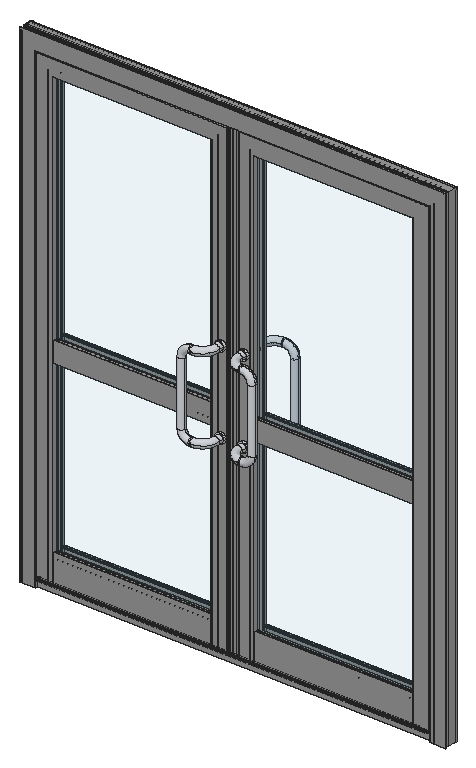
Revit family "Дверь наружного открывания двустворчатая с цоколем", category Двери, Revit 2019
Family settings
  Основа = Стена
  Номер OmniClass = 23.30.20.17.11
  Заголовок OmniClass = Fixed Windows
  Всегда вертикально = Да
  При загрузке вырезать с полостями = Нет
  Общий = Нет
  Точка расчета площади = Нет
Parameters (values of type "V60 Дверь двустворчатая")
  Width [instance] = 0.00 mm  # constant formula
  Монтажный зазор.Верх [instance] = 25.00 mm
  VIDNAL_Ширина створки прав. [instance] = 847.50 mm
  VIDNAL_Ширина створки лев. [instance] = ADSK_Ширина рамы - VIDNAL_Ширина створки прав. - 105.00 mm  # 847.50 mm
  VIDNAL_Ширина проема [instance] = ADSK_Ширина рамы + Монтажный зазор.Правый + Монтажный зазор.Левый  # 1850.00 mm
  VIDNAL_Цвет конструкции = ""
  VIDNAL_Фурнитура [instance] = "САТУРН"
  VIDNAL_Формула стеклопакета [instance] = ""
  VIDNAL_Толщина стеклопакета [instance] = "32"
  VIDNAL_Сопротивление ветровой нагрузке = "1000 Па"
  VIDNAL_Система профилей [instance] = "V60"  # constant formula
  VIDNAL_Площадь изделия [instance] = ADSK_Ширина рамы * ADSK_Высота рамы  # 3.78 m²
  VIDNAL_Звукоизоляция [instance] = "34 дБА"
  VIDNAL_Глубина вставки [instance] = 150.00 mm
  VIDNAL_Высота ручки = 1000.00 mm
  VIDNAL_Высота проема [instance] = ADSK_Высота рамы + Монтажный зазор.Верх  # 2125.00 mm
  Глубина профиля [instance] = 60.00 mm  # constant formula
  Rough Width = 0.00 mm  # constant formula
  Rough Height = 0.00 mm  # constant formula
  Описание = "Окно"
  Обозначение = "ГОСТ 23747-2015"
  Наименование = ""
  Монтажный зазор.Правый [instance] = 25.00 mm
  Монтажный зазор.Левый [instance] = 25.00 mm
  Марка проема [instance] = ""
  Model = ""
  Стекло = АС_Стекло
  Рама = Алюминий
  Type Comments = ""
  Assembly Code = ""
  Wall Closure = (empty or 0)
  Height [instance] = 0.00 mm  # constant formula
  Аналитическая конструкция = "<Нет>"
  VIDNAL_Возухопроницаемость [instance] = "3,09 м²·ч"
  VIDNAL_Водонепроницаемость [instance] = "600"
  VIDNAL_Rприв. профиля со стеклопакетом [instance] = "0.52 (м²·С)/Вт"
  ADSK_Ширина рамы [instance] = 1800.00 mm
  ADSK_Позиция [instance] = ""
  ADSK_Завод-изготовитель [instance] = "VIDNAL"  # constant formula
  ADSK_Высота рамы [instance] = 2100.00 mm
Reference planes
  plane 1 "Глубина профиля": y = -100
  plane 2: z = 0
  plane 3 "Слева": x = -922.6
  plane 4 "Справа": x = 927.4
  plane 5 "низ створки": z = 40
  plane 6 "ВЕРХ": z = 2125
  plane 7 "Внутренняя": y = -190
  plane 8 "Вставка двери": y = -40
  plane 9 "рама лев": x = -897.6
  plane 10 "рама прав": x = 902.4
  plane 11 "рама верх": z = 2100
  plane 12: y = 190
  plane 13 "верх створки": z = 2050
  plane 14 "низ порога": z = 4.5
  plane 15 "створка лев": x = -847.6
  plane 16 "створка прав": x = 852.4
  plane 17 "ось штульпа": x = 2.4
  plane 18 "створка прав2": x = 4.9
  plane 19 "створка лев2": x = -0.1
Forms (mm)
  Extrusion 1, void, detail levels medium+fine
    sketch origin (0, 38, 0) x (0, 0, 1) y (-1, 0, 0)
      loop
        line (2125, -927.4) -> (2125, 922.6) -> (0, 922.6) -> (0, -927.4) -> (2125, -927.4)
    from -152 to 228
  Sweep 2, solid, material "Алюминий" <- "Рама"
    path origin (0, -40, 0) x (0, 0, -1) y (-1, 0, 0)
      loop
        line (0, 897.6) -> (-2100, 897.6) -> (-2100, -902.4) -> (0, -902.4)
    profile "Профиль дверной рамы наруж : Профиль дверной рамы наруж" origin (-897.6, -40, 1050) x (1, 0, 0) y (0, 1, 0)
      loop
        line (50.076, -29.7) -> (1.5, -29.7) -> (1.5, -38.4) -> (6.5, -38.4) -> (6.5, -50.15) -> (8.15, -50.15) -> (8.15, -51.75) -> (6.5, -51.75) -> (6.5, -58.5) -> (50.5, -58.5) -> (50.5, -51.75) -> (48.55, -51.75) -> (48.55, -50.15) -> (50.076, -50.15) -> (50.076, -29.7)
      loop
        line (50.076, -10) -> (2, -10) -> (2, -28) -> (50.076, -28) -> (50.076, -10)
      loop
        line (43.25, -1.5) -> (6.75, -1.5) -> (6.75, -8.3) -> (43.25, -8.3) -> (43.25, -1.5)
      loop
        line (52, -10) -> (54, -10) -> (55, -8.3) -> (45, -8.3) -> (45, 0) -> (0, 0) -> (0, -2.5) -> (1.5, -2.5) -> (1.5, -1.5) -> (5, -1.5) -> (5, -8.5) -> (1.5, -8.5) -> (1.5, -7.5) -> (0, -7.5) -> (0, -41.495) -> (2, -41.495) -> (2, -40) -> (5, -40) -> (5, -58.25) -> (2, -58.25) -> (2, -56.495) -> (0, -56.495) -> (0, -60) -> (67, -60) -> (67, -55.8) -> (65, -55.8) -> (65, -56.8) -> (66, -56.8) -> (66, -58.8) -> (61, -58.8) -> (61, -56.8) -> (62, -56.8) -> (62, -55.8) -> (60, -55.8) -> (60, -58.5) -> (52, -58.5) -> (52, -10)
  Sweep 3, solid, material "Алюминий"
    path origin (0, -40, 0) x (0, 0, -1) y (-1, 0, 0)
      loop
        line (-4.5, 845.6) -> (-4.5, -850.4)
    profile "Профиль порога : Профиль порога" origin (2.4, -40, 4.5) x (0, 0, -1) y (0, 1, 0)
      loop
        line (-19.126, -22.61) -> (-16.126, -24.79) -> (-16.126, -26.25) -> (-14.177, -26.25) -> (-13.323, -26.73) -> (-12.385, -28.27) -> (-11.531, -28.75) -> (-9.469, -28.75) -> (-8.615, -28.27) -> (-7.677, -26.73) -> (-6.823, -26.25) -> (-4.874, -26.25) -> (-4.874, -24.79) -> (-1.874, -22.61) -> (-1.874, -16.89) -> (-4.874, -14.71) -> (-4.874, -13.25) -> (-6.823, -13.25) -> (-7.677, -12.77) -> (-8.615, -11.23) -> (-9.469, -10.75) -> (-11.531, -10.75) -> (-12.385, -11.23) -> (-13.323, -12.77) -> (-14.177, -13.25) -> (-16.126, -13.25) -> (-16.126, -14.71) -> (-19.126, -16.89) -> (-19.126, -22.61)
      loop
        line (-19.25, -42.057) -> (-19.25, -52.75) -> (-1.75, -52.75) -> (-1.75, -42.057)
        arc (-1.75, -42.057) -> (-4.892, -42.649) -> (-7.464, -40.75) r 4
        line (-7.464, -40.75) -> (-5.862, -39.825)
        arc (-5.862, -39.825) -> (-1.85, -38.75) -> (-5.862, -37.675) r 2.15
        line (-5.862, -37.675) -> (-7.464, -36.75) -> (-7.464, -35.25) -> (-5.862, -34.325)
        arc (-5.862, -34.325) -> (-1.85, -33.25) -> (-5.862, -32.175) r 2.15
        line (-5.862, -32.175) -> (-7.537, -30.5) -> (-13.463, -30.5) -> (-15.138, -32.175)
        arc (-15.138, -32.175) -> (-19.15, -33.25) -> (-15.138, -34.325) r 2.15
        line (-15.138, -34.325) -> (-13.536, -35.25) -> (-13.536, -36.75) -> (-15.138, -37.675)
        arc (-15.138, -37.675) -> (-19.15, -38.75) -> (-15.138, -39.825) r 2.15
        line (-15.138, -39.825) -> (-13.536, -40.75)
        arc (-13.536, -40.75) -> (-16.108, -42.649) -> (-19.25, -42.057) r 4
      loop
        line (-21, -54.5) -> (0, -54.5) -> (0, -9) -> (-21, -9) -> (-21, -54.5)
  Sweep 4, solid, material "Алюминий"
    path origin (0, -40, -6.25) x (0, 0, -1) y (-1, 0, 0)
      loop
        line (-2039.25, -2.4) -> (-46.25, -2.4)
    profile "Профиль штульпа : Профиль штульпа" origin (2.4, -40, 1036.5) x (-1, 0, 0) y (0, 1, 0)
      loop
        line (-1.2, -29.7) -> (-16, -29.7) -> (-16, -48.25) -> (-12.5, -48.25) -> (-12.5, -53.5) -> (-16, -53.5) -> (-16, -58.5) -> (-1.2, -58.5) -> (-1.2, -29.7)
      loop
        line (-1.368, -27.042) -> (-1.368, -10.958) -> (-15.632, -10.958) -> (-15.632, -27.042) -> (-1.368, -27.042)
      loop
        line (-17.5, -60) -> (19.5, -60) -> (19.5, -55.8) -> (17.5, -55.8) -> (17.5, -56.8) -> (18.5, -56.8) -> (18.5, -58.8) -> (13.5, -58.8) -> (13.5, -56.8) -> (14.5, -56.8) -> (14.5, -55.8) -> (12.5, -55.8) -> (12.5, -58.5) -> (0.5, -58.5) -> (0.5, -10) -> (7.5, -10) -> (7.5, -8.25) -> (-2.5, -8.25) -> (-2.5, -4.25) -> (-6, -4.25) -> (-6, -2.25) -> (-7.5, -2.25) -> (-7.5, -5.75) -> (-4, -5.75) -> (-4, -8.3) -> (-17.5, -8.3) -> (-17.5, -49.75) -> (-14, -49.75) -> (-14, -52) -> (-17.5, -52) -> (-17.5, -60)
  Sweep 5, solid, material "Алюминий"
    path origin (0, -40, 0) x (0, 0, -1) y (-1, 0, 0)
      loop
        line (-40, 847.6) -> (-40, 0.1)
    profile "Профили притвора V60 187 : Профили притвора V60 187" origin (-423.85, -40, 40) x (0, 0, -1) y (0, 1, 0)
      loop
        line (0, 0) -> (0, -11.2) -> (1.75, -11.2) -> (3.078, -1.75) -> (12.5, -1.75) -> (12.5, -5) -> (14.7, -5) -> (14.7, -4) -> (13.7, -4) -> (13.7, -1.75) -> (18.7, -1.75) -> (18.7, -4) -> (17.7, -4) -> (17.7, -5) -> (20, -5) -> (20, 0) -> (0, 0)
  Sweep 6, solid, material "Алюминий"
    path origin (0, -40, 0) x (0, 0, -1) y (-1, 0, 0)
      loop
        line (-40, -4.9) -> (-40, -852.4)
    profile "Профили притвора V60 187 : Профили притвора V60 187" origin (428.65, -40, 40) x (0, 0, -1) y (0, 1, 0)
      loop
        line (0, 0) -> (0, -11.2) -> (1.75, -11.2) -> (3.078, -1.75) -> (12.5, -1.75) -> (12.5, -5) -> (14.7, -5) -> (14.7, -4) -> (13.7, -4) -> (13.7, -1.75) -> (18.7, -1.75) -> (18.7, -4) -> (17.7, -4) -> (17.7, -5) -> (20, -5) -> (20, 0) -> (0, 0)
  Sweep 7, solid, material "Алюминий"
    path origin (0, -40, 0) x (0, 0, -1) y (-1, 0, 0)
      loop
        line (-40, 825.6) -> (-40, 22.1)
    profile "Профили притвора V60 287 : Профили притвора V60 287" origin (-423.85, -40, 40) x (0, 0, -1) y (0, 1, 0)
      loop
        line (1.75, -30.55) -> (0, -30.55) -> (0, -60) -> (2, -60) -> (2, -56) -> (8.5, -56) -> (8.5, -54.6) -> (1.75, -54.6) -> (1.75, -51.3) -> (8.5, -51.3) -> (8.5, -49.9) -> (1.75, -49.9) -> (1.75, -30.55)
  Sweep 8, solid, material "Алюминий"
    path origin (0, -40, 0) x (0, 0, -1) y (-1, 0, 0)
      loop
        line (-40, 17.1) -> (-40, -830.4)
    profile "Профили притвора V60 287 : Профили притвора V60 287" origin (406.65, -40, 40) x (0, 0, -1) y (0, 1, 0)
      loop
        line (1.75, -30.55) -> (0, -30.55) -> (0, -60) -> (2, -60) -> (2, -56) -> (8.5, -56) -> (8.5, -54.6) -> (1.75, -54.6) -> (1.75, -51.3) -> (8.5, -51.3) -> (8.5, -49.9) -> (1.75, -49.9) -> (1.75, -30.55)
Lines and regions (mm)
  symbolic lines, detail levels fine
    curve 1: line (-163.1, -40, 40) -> (-163.1, -100, 40)
    curve 4: line (-163.1, -40, 2125) -> (-163.1, -100, 2125)
    curve 6: line (-163.1, -100, 2100) -> (-163.1, -40, 2100)
  symbolic lines
    curve 2: line (-163.1, -40, 80) -> (-163.1, -40, 40)
    curve 3: line (-163.1, -100, 40) -> (-163.1, -100, 80)
    curve 5: line (-163.1, -40, 2100) -> (-163.1, -40, 2125)
    curve 7: line (-163.1, -100, 2125) -> (-163.1, -100, 2100)
  symbolic lines, detail levels coarse
    curve 8: line (927.4, -40, 2125) -> (927.4, -40, 40)
    curve 9: line (927.4, -100, 2125) -> (927.4, -100, 40)
Text (mm)
  text "Наружный" at (-2011.448, 646.123, 0), in view "Линия этажа"
  text "Внутренний" at (-2011.448, -562.523, 0), in view "Линия этажа"
  text "Наружный" at (0, 1108.87, 3415.022), in view "Слева"
  text "Наружный" at (0, 464.664, 3176.206), in view "Справа"
Dimensions and locks
  plane 3 "Слева" to plane 4 "Справа" = 1850.00 mm
  "Монтажный зазор.Правый": plane 10 "рама прав" to plane 4 "Справа"
  plane 5 "низ створки" to plane 5 "низ створки" = 0.00 mm
  "ADSK_Ширина рамы": plane 9 "рама лев" to plane 10 "рама прав"
  "Монтажный зазор.Левый": plane 3 "Слева" to plane 9 "рама лев"
  "Монтажный зазор.Верх": plane 11 "рама верх" to plane 6 "ВЕРХ"
  "VIDNAL_Глубина вставки": plane 8 "Вставка двери" to plane 7 "Внутренняя"
  "Глубина профиля": plane 8 "Вставка двери" to plane 1 "Глубина профиля"
  plane 9 "рама лев" to plane 15 "створка лев" = 50.00 mm
  plane 16 "створка прав" to plane 10 "рама прав" = 50.00 mm
  plane 11 "рама верх" to plane 13 "верх створки" = 50.00 mm
  plane 14 "низ порога" to plane 2 = 4.50 mm
  locked: plane 8 "Вставка двери" to Sweep 3 at 9
  plane 5 "низ створки" to plane 2 = 40.00 mm
  "ADSK_Высота рамы": plane 11 "рама верх" to plane 2
  locked: plane 17 "ось штульпа" to plane 18 "створка прав2" at 2.5
  locked: plane 19 "створка лев2" to plane 17 "ось штульпа" at 2.5
  "VIDNAL_Ширина створки прав.": plane 18 "створка прав2" to plane 16 "створка прав"
  Sweep 7 sketch curve to nested 2 = 0.00 mm  (x2)
  Sweep 8 sketch curve to nested 1 = 0.00 mm
  aligned and locked: plane 7 "Внутренняя" to host wall
  aligned and locked: plane 8 "Вставка двери" to curve 5
  aligned and locked: level to plane 2
  aligned and locked: host wall to Extrusion 1  (x2)
  aligned and locked: plane 4 "Справа" to Extrusion 1 sketch curve
  aligned and locked: plane 15 "створка лев" to nested 2
  aligned and locked: plane 16 "створка прав" to nested 1
  aligned and locked: plane 18 "створка прав2" to nested 1
  aligned and locked: nested 2 to plane 19 "створка лев2"
  aligned and locked: nested 2 to plane 13 "верх створки"
  aligned and locked: nested 1 to plane 13 "верх створки"
  aligned and locked: nested 2 to plane 5 "низ створки"
  aligned and locked: nested 1 to plane 5 "низ створки"
  aligned and locked: nested 2 to plane 8 "Вставка двери"
  aligned and locked: nested 1 to plane 8 "Вставка двери"
Automatic sketch dimensions
  Extrusion 1 sketch curve to level = 0.00 mm
  plane 3 "Слева" to Extrusion 1 sketch curve = 0.00 mm
  Extrusion 1 sketch curve to plane 6 "ВЕРХ" = 0.00 mm
  curve 5 to plane 8 "Вставка двери" = 0.00 mm
  plane 5 "низ створки" to curve 8 = 0.00 mm
  curve 8 to plane 8 "Вставка двери" = 0.00 mm
  curve 9 to plane 1 "Глубина профиля" = 0.00 mm
  plane 5 "низ створки" to curve 9 = 0.00 mm
  plane 6 "ВЕРХ" to curve 9 = 0.00 mm
  plane 6 "ВЕРХ" to curve 8 = 0.00 mm
  plane 5 "низ створки" to curve 1 = 0.00 mm
  curve 1 to plane 1 "Глубина профиля" = 0.00 mm
  curve 7 to plane 1 "Глубина профиля" = 0.00 mm
  curve 2 to plane 8 "Вставка двери" = 0.00 mm
  curve 7 to plane 11 "рама верх" = 0.00 mm
  plane 6 "ВЕРХ" to curve 4 = 0.00 mm
  Sweep 2 sketch curve to plane 9 "рама лев" = 0.00 mm
  plane 10 "рама прав" to Sweep 2 sketch curve = 0.00 mm
  Sweep 2 sketch curve to plane 11 "рама верх" = 0.00 mm
  Sweep 2 sketch curve to level = 0.00 mm  (x2)
  Sweep 3 sketch curve to plane 14 "низ порога" = 0.00 mm
  plane 16 "створка прав" to Sweep 3 sketch curve = 2.00 mm
  plane 15 "створка лев" to Sweep 3 sketch curve = 2.00 mm
  Sweep 4 sketch curve to plane 17 "ось штульпа" = 0.00 mm
  Sweep 4 sketch curve to plane 5 "низ створки" = 0.00 mm
  plane 13 "верх створки" to Sweep 4 sketch curve = 17.00 mm
  Sweep 5 sketch curve to plane 5 "низ створки" = 0.00 mm
  Sweep 5 sketch curve to plane 19 "створка лев2" = 0.00 mm
  Sweep 5 sketch curve to plane 15 "створка лев" = 0.00 mm
  Sweep 6 sketch curve to plane 5 "низ створки" = 0.00 mm
  plane 16 "створка прав" to Sweep 6 sketch curve = 0.00 mm
  Sweep 6 sketch curve to plane 18 "створка прав2" = 0.00 mm
  curve 1 to curve 3 = 40.00 mm
  curve 1 to curve 2 = 40.00 mm
  Sweep 7 sketch curve to plane 5 "низ створки" = 0.00 mm
  Sweep 8 sketch curve to plane 5 "низ створки" = 0.00 mm
  Sweep 8 sketch curve to plane 19 "створка лев2" = 17.00 mm
Nested families
  nested 1: "Створка дверная наруж с цоколем" at (4.9, -40, 40), type "Поворотная право"
    with Створка.Ширина 847.50 mm, Створка.Высота 2010.00 mm, Высота импоста 880.00 mm, VIDNAL_Высота ручки 980.00 mm
  nested 2: "Створка дверная наруж с цоколем" at (-847.6, -40, 40), type "Поворотная лево"
    with Створка.Ширина 847.50 mm, Створка.Высота 2010.00 mm, Высота импоста 880.00 mm, VIDNAL_Высота ручки 980.00 mm
Definition of nested family "Створка дверная наруж с цоколем"
  Parameters (values of type "Поворотная лево")
    отк лев = yes
    от пр = no
    Стекло = none
    Створка.Ширина [instance] = 800.00 mm
    Створка.Высота [instance] = 1800.00 mm
    Створка VIDNAL = none
    Ручка.Справа = yes
    Ручка.Слева = no
    Открытие = yes
    Габариты заполнения = 73.00 mm
    Высота импоста [instance] = 900.00 mm
    Analytic Construction = "<Нет>"
    VIDNAL_Высота ручки [instance] = 1000.00 mm
  Types (2, lengths in mm): name | отк лев | от пр | Створка.Ширина | Створка.Высота | Ручка.Справа | Ручка.Слева | Габариты заполнения | Высота импоста | VIDNAL_Высота ручки
    Поворотная право | no | yes | 600.00 | 900.00 | no | yes | 54.00 | 450.00 | 900.00
    Поворотная лево | yes | no | 800.00 | 1800.00 | yes | no | 73.00 | 900.00 | 1000.00
  Reference planes
    plane 1 "Center (Front/Back)": y = 0
    plane 2 "Bottom": z = 0
    plane 3 "Left": x = 0
    plane 4 "Right": x = 800
    plane 5 "Top": z = 1800
    plane 6: z = 900
    plane 7: x = 73
    plane 8: x = 727
    plane 9: y = -8
    plane 10: y = -40
    plane 11: z = 1727
    plane 12: z = 73
    plane 13 "ручка прав": x = 754
    plane 14 "ручка лев": x = 46
    plane 15: z = 1000
    plane 16: x = 89
    plane 17: x = 711
  Forms (mm)
    Extrusion 1, solid, material <- "Стекло"
      sketch origin (0, 0, -100) x (1, 0, 0) y (0, 0, 1)
        loop
          line (73, 173) -> (727, 173) -> (727, 1827) -> (73, 1827) -> (73, 173)
      from 40 to 8
    Sweep 2, solid
      path origin (0, 0, 0) x (1, 0, 0) y (0, 0, 1)
        loop
          line (0, 0) -> (0, 1800) -> (800, 1800) -> (800, 0)
      profile "Профиль дверной створки наруж : Профиль дверной створки наруж" origin (400, 0, 1800) x (0, 0, 1) y (0, -1, 0)
        loop
          line (-62, 43.002) -> (-62, 54.797) -> (-68.701, 54.797) -> (-68.701, 58.599) -> (-87.61, 58.599) -> (-87.61, 48.594) -> (-82, 48.594) -> (-71.911, 43.002) -> (-62, 43.002)
        loop
          line (-16.874, 29.7) -> (-16.874, 50.15) -> (-25.15, 50.15) -> (-25.15, 51.75) -> (-23.5, 51.75) -> (-23.5, 58.5) -> (-60.5, 58.5) -> (-60.5, 51.75) -> (-58.85, 51.75) -> (-58.85, 50.15) -> (-60.25, 50.15) -> (-60.25, 38.4) -> (-65.5, 38.4) -> (-65.5, 29.7) -> (-16.874, 29.7)
        loop
          line (-16.874, 10) -> (-16.874, 28) -> (-65.126, 28) -> (-65.126, 10) -> (-16.874, 10)
        loop
          line (-23.75, 1.5) -> (-23.75, 8.3) -> (-60.25, 8.3) -> (-60.25, 1.5) -> (-23.75, 1.5)
        loop
          line (-2, 4.2) -> (-2, 3.2) -> (-1, 3.2) -> (-1, 1.2) -> (-6, 1.2) -> (-6, 3.2) -> (-5, 3.2) -> (-5, 4.2) -> (-7, 4.2) -> (-7, 1.5) -> (-22, 1.5) -> (-22, 8.3) -> (-15, 8.3) -> (-15, 50) -> (-12, 50) -> (-12, 51.75) -> (-22, 51.75) -> (-22, 60) -> (-89, 60) -> (-89, 44.192) -> (-87, 44.192) -> (-87, 45.192) -> (-88, 45.192) -> (-88, 47.193) -> (-83, 47.193) -> (-83, 45.192) -> (-84, 45.192) -> (-84, 44.192) -> (-82, 44.192) -> (-82, 47.202) -> (-72.326, 41.591) -> (-67, 41.591) -> (-67, 8.3) -> (-62, 8.3) -> (-62, 1.5) -> (-82, 1.5) -> (-82, 3.2) -> (-80.5, 3.2) -> (-80.5, 4.2) -> (-84, 4.2) -> (-84, 3.2) -> (-83, 3.2) -> (-83, 1.2) -> (-88, 1.2) -> (-88, 3.2) -> (-87, 3.2) -> (-87, 4.2) -> (-89, 4.2) -> (-89, 0) -> (0, 0) -> (0, 4.2) -> (-2, 4.2)
    Sweep 3, solid
      path origin (0, 0, 0) x (1, 0, 0) y (0, 0, 1)
        loop
          line (90, 900) -> (710, 900)
      profile "Профиль дверного импоста : Профиль дверного импоста" origin (400, 0, 900) x (0, 0, 1) y (0, -1, 0)
        loop
          line (15.25, 8) -> (-15.25, 8) -> (-15.25, 1.5) -> (15.25, 1.5) -> (15.25, 8)
        loop
          line (20.076, 28) -> (-20.076, 28) -> (-20.076, 10) -> (20.076, 10) -> (20.076, 28)
        loop
          line (15.4, 38.4) -> (15.4, 58.1) -> (-15.4, 58.1) -> (-15.4, 38.4) -> (-20.5, 38.4) -> (-20.5, 29.7) -> (20.5, 29.7) -> (20.5, 38.4) -> (15.4, 38.4)
        loop
          line (-23.69, 58.599) -> (-42.599, 58.599) -> (-42.599, 48.594) -> (-36.996, 48.594) -> (-26.991, 42.791) -> (-16.989, 42.791) -> (-16.989, 54.797) -> (-23.69, 54.797) -> (-23.69, 58.599)
        loop
          line (42.599, 58.599) -> (23.69, 58.599) -> (23.69, 54.797) -> (16.989, 54.797) -> (16.989, 42.791) -> (26.991, 42.791) -> (36.996, 48.594) -> (42.599, 48.594) -> (42.599, 58.599)
        loop
          line (44, 0) -> (44, 4.2) -> (42, 4.2) -> (42, 3.2) -> (43, 3.2) -> (43, 1.2) -> (38, 1.2) -> (38, 3.2) -> (39, 3.2) -> (39, 4.2) -> (35.5, 4.2) -> (35.5, 3.2) -> (37, 3.2) -> (37, 1.5) -> (17, 1.5) -> (17, 8.3) -> (22, 8.3) -> (22, 41.591) -> (27.314, 41.591) -> (36.996, 47.206) -> (36.996, 44.192) -> (38.997, 44.192) -> (38.997, 45.192) -> (37.997, 45.192) -> (37.997, 47.193) -> (42.999, 47.193) -> (42.999, 45.192) -> (41.999, 45.192) -> (41.999, 44.192) -> (44, 44.192) -> (44, 60) -> (-44, 60) -> (-44, 44.192) -> (-41.999, 44.192) -> (-41.999, 45.192) -> (-42.999, 45.192) -> (-42.999, 47.193) -> (-37.997, 47.193) -> (-37.997, 45.192) -> (-38.997, 45.192) -> (-38.997, 44.192) -> (-36.996, 44.192) -> (-36.996, 47.206) -> (-27.314, 41.591) -> (-22, 41.591) -> (-22, 8.3) -> (-17, 8.3) -> (-17, 1.5) -> (-37, 1.5) -> (-37, 3.2) -> (-35.5, 3.2) -> (-35.5, 4.2) -> (-39, 4.2) -> (-39, 3.2) -> (-38, 3.2) -> (-38, 1.2) -> (-43, 1.2) -> (-43, 3.2) -> (-42, 3.2) -> (-42, 4.2) -> (-44, 4.2) -> (-44, 0) -> (44, 0)
    Sweep 4, solid
      path origin (0, 0, 0) x (1, 0, 0) y (0, 0, 1)
        loop
          line (89, 0) -> (711, 0)
      profile "Профиль цоколя : Профиль цоколя" origin (400, 0, 0) x (0, 0, 1) y (0, -1, 0)
        loop
          line (87.676, 10) -> (96.126, 16.14) -> (96.126, 21.86) -> (87.676, 28) -> (15.324, 28) -> (6.874, 21.86) -> (6.874, 16.14) -> (15.324, 10) -> (87.676, 10)
        loop
          line (91.25, 1.75) -> (91.25, 8.25) -> (50, 8.25) -> (50, 1.75) -> (91.25, 1.75)
        loop
          line (6.75, 1.75) -> (48, 1.75) -> (48, 8.25) -> (6.75, 8.25) -> (6.75, 1.75)
        loop
          line (96, 29.75) -> (96, 38.25) -> (91.25, 38.25) -> (91.25, 58.25) -> (6.75, 58.25) -> (6.75, 29.75) -> (96, 29.75)
        loop
          line (118.599, 58.599) -> (99.69, 58.599) -> (99.69, 54.797) -> (92.989, 54.797) -> (92.989, 42.791) -> (102.991, 42.791) -> (112.996, 48.594) -> (118.599, 48.594) -> (118.599, 58.599)
        loop
          line (119, 3.2) -> (119, 1.2) -> (114, 1.2) -> (114, 3.2) -> (115, 3.2) -> (115, 4.2) -> (111.5, 4.2) -> (111.5, 3.2) -> (113, 3.2) -> (113, 1.5) -> (93, 1.5) -> (93, 8.25) -> (98, 8.25) -> (98, 41.591) -> (103.314, 41.591) -> (112.996, 47.206) -> (112.996, 44.192) -> (114.997, 44.192) -> (114.997, 45.192) -> (113.997, 45.192) -> (113.997, 47.193) -> (118.999, 47.193) -> (118.999, 45.192) -> (117.999, 45.192) -> (117.999, 44.192) -> (120, 44.192) -> (120, 60) -> (0, 60) -> (0, 54.5) -> (2, 54.5) -> (2, 58.25) -> (5, 58.25) -> (5, 40) -> (2, 40) -> (2, 41.495) -> (0, 41.495) -> (0, 38.25) -> (5, 38.25) -> (5, 32) -> (0, 32) -> (0, 30.5) -> (5, 30.5) -> (5, 10) -> (1.5, 10) -> (1.5, 11.2) -> (0, 11.2) -> (0, 8.5) -> (5, 8.5) -> (5, 1.5) -> (0, 1.5) -> (0, 0) -> (120, 0) -> (120, 4.2) -> (118, 4.2) -> (118, 3.2) -> (119, 3.2)
  Lines and regions (mm)
    symbolic lines, not visible
      curve 1: line (400, 0, 950) -> (400, 0, 850)
      curve 2: line (350, 0, 900) -> (450, 0, 900)
    symbolic lines, visible <- "от пр"
      curve 3: line (710, -75, 1710) -> (90, -75, 900)
      curve 4: line (90, -75, 900) -> (710, -75, 90)
    symbolic lines, visible <- "отк лев"
      curve 5: line (90, -75, 90) -> (710, -75, 900)
      curve 6: line (710, -75, 900) -> (90, -75, 1710)
  Dimensions and locks
    "Створка.Ширина": plane 4 "Right" to plane 3 "Left"
    "Створка.Высота": plane 5 "Top" to plane 2 "Bottom"
    equal spacing: plane 3 "Left", curve 1, plane 4 "Right"
    equal spacing: plane 5 "Top", curve 2, plane 2 "Bottom"
    locked: plane 9 to plane 1 "Center (Front/Back)" at 8
    "Габариты заполнения": plane 3 "Left" to plane 7
    "Габариты заполнения": plane 8 to plane 4 "Right"
    "Габариты заполнения": plane 12 to plane 2 "Bottom"
    "Габариты заполнения": plane 5 "Top" to plane 11
    plane 14 "ручка лев" to plane 3 "Left" = 46.00 mm
    plane 13 "ручка прав" to plane 4 "Right" = 46.00 mm
    "Высота импоста": plane 6 to plane 2 "Bottom"
    locked: plane 3 "Left" to plane 14 "ручка лев" at 46
    "VIDNAL_Высота ручки": plane 15 to plane 2 "Bottom"
    plane 3 "Left" to plane 16 = 89.00 mm
    plane 17 to plane 4 "Right" = 89.00 mm
    locked: plane 13 "ручка прав" to plane 4 "Right" at 46
    aligned and locked: level to plane 2 "Bottom"
    aligned and locked: plane 6 to curve 4
    aligned and locked: plane 6 to curve 6
    aligned and locked: Extrusion 1 to plane 7
    aligned and locked: Extrusion 1 to plane 9
    aligned and locked: Extrusion 1 to plane 10
    aligned and locked: plane 8 to Extrusion 1
    aligned and locked: Extrusion 1 to plane 12
    aligned and locked: plane 11 to Extrusion 1
    aligned and locked: nested 1 to plane 14 "ручка лев"
    aligned and locked: nested 1 to plane 15
    aligned and locked: plane 15 to nested 2
    aligned and locked: Sweep 2 to plane 1 "Center (Front/Back)"
    aligned and locked: plane 13 "ручка прав" to nested 2
    aligned and locked: plane 14 "ручка лев" to nested 3
    aligned and locked: nested 4 to plane 13 "ручка прав"
    aligned and locked: plane 15 to nested 3
    aligned and locked: nested 4 to plane 15
  Automatic sketch dimensions
    plane 7 to Extrusion 1 sketch curve = 0.00 mm
    Extrusion 1 sketch curve to plane 8 = 0.00 mm
    Extrusion 1 sketch curve to plane 12 = 0.00 mm
    Extrusion 1 sketch curve to plane 11 = 0.00 mm
    plane 7 to curve 6 = 17.00 mm
    plane 7 to curve 5 = 17.00 mm
    plane 7 to curve 4 = 17.00 mm
    curve 5 to plane 8 = 17.00 mm
    curve 3 to plane 8 = 17.00 mm
    plane 12 to curve 5 = 17.00 mm
    plane 12 to curve 4 = 17.00 mm
    curve 3 to plane 11 = 17.00 mm
    curve 4 to plane 8 = 17.00 mm
    curve 6 to plane 11 = 17.00 mm
    Sweep 2 sketch curve to plane 5 "Top" = 0.00 mm
    curve 1 to plane 6 = 50.00 mm
    plane 6 to curve 1 = 50.00 mm
    curve 2 to plane 6 = 0.00 mm
    curve 2 to curve 1 = 50.00 mm
    curve 1 to curve 2 = 50.00 mm
    Sweep 3 sketch curve to plane 6 = 0.00 mm
    plane 16 to Sweep 3 sketch curve = 1.00 mm
    Sweep 3 sketch curve to plane 17 = 1.00 mm
    Sweep 2 sketch curve to plane 3 "Left" = 0.00 mm
    plane 4 "Right" to Sweep 2 sketch curve = 0.00 mm
    Sweep 2 sketch curve to level = 0.00 mm  (x2)
    Sweep 4 sketch curve to level = 0.00 mm
    Sweep 4 sketch curve to plane 16 = 0.00 mm
    Sweep 4 sketch curve to plane 17 = 0.00 mm
  Nested families
    nested 1: "Ручка дверная прямоугольная" at (46, -70, 889.834), visible <- "Ручка.Слева", type "Ручка дверная прямоугольная"
      with Ручка высота установки 110.166 mm
    nested 2: "Ручка дверная прямоугольная" at (754, -70, 889.834) x (-1, 0, 0) z (0, 0, 1), visible <- "Ручка.Справа", type "Ручка дверная прямоугольная"
      with Ручка высота установки 110.166 mm
    nested 3: "Ручка дверная прямоугольная" at (46, 10, 889.834), visible <- "Ручка.Слева", type "Ручка дверная прямоугольная"
      with Ручка высота установки 110.166 mm
    nested 4: "Ручка дверная прямоугольная" at (754, 10, 889.834) x (-1, 0, 0) z (0, 0, 1), visible <- "Ручка.Справа", type "Ручка дверная прямоугольная"
      with Ручка высота установки 110.166 mm
  Definition of nested family "Ручка дверная прямоугольная"
    Parameters (values of type "Ручка дверная прямоугольная")
      Ручка высота установки [instance] = 110.166 mm
    Reference planes
      plane 1 "По центру (Вперед/Назад)": y = 0
      plane 2: z = 0
      plane 3 "По центру (Влево/Вправо)": x = 0
      plane 4: y = -10
      plane 5 "1": x = 55
      plane 6 "2": y = 74
      plane 7 "Высота ручки": z = 110.166
    Forms (mm)
      Extrusion 1, solid
        sketch origin (0, 0, 0) x (1, 0, 0) y (0, 0, 1)
          loop
            circle (0, 285.166) r 20
        from 0 to 10
      Extrusion 2, solid
        sketch origin (0, 0, 0) x (1, 0, 0) y (0, 0, 1)
          loop
            circle (0, -64.834) r 20
        from 0 to 10
      Sweep 3, solid
        path origin (0, 0, 0) x (1, 0, 0) y (0, 1, 0)
          loop
            line (0, 0) -> (0, 20)
            arc (0, 20) -> (15.816, 58.184) -> (54, 74) r 54
            line (54, 74) -> (55, 74)
        profile origin (0, 10, 0) x (-1, 0, 0) y (0, 0, 1)
          loop
            circle (0, 285.166) r 15
          loop
            circle (0, -64.834) r 15
      Sweep 4, solid
        path origin (0, 74, 0) x (-1, 0, 0) y (0, 0, 1)
          loop
            line (-55, 285.166) -> (-60, 285.166)
            arc (-60, 285.166) -> (-88.284, 273.45) -> (-100, 245.166) r 40
            line (-100, 245.166) -> (-100, -24.834)
            arc (-100, -24.834) -> (-88.284, -53.118) -> (-60, -64.834) r 40
            line (-60, -64.834) -> (-55, -64.834)
        profile origin (57.5, 74, 285.166) x (0, 0, -1) y (0, 1, 0)
          loop
            circle (0, 0) r 15
    Dimensions and locks
      plane 1 "По центру (Вперед/Назад)" to plane 4 = 10.00 mm
      locked: plane 4 to plane 6 "2" at 84
      locked: plane 3 "По центру (Влево/Вправо)" to plane 5 "1" at 55
      locked: Extrusion 1 sketch curve to plane 7 "Высота ручки" at 175
      locked: plane 7 "Высота ручки" to Extrusion 2 sketch curve at 175
      locked: Sweep 3 sketch curve to plane 7 "Высота ручки" at 175
      locked: plane 7 "Высота ручки" to Sweep 3 sketch curve at 175
      "Ручка высота установки": plane 7 "Высота ручки" to level
      locked: Sweep 4 sketch curve to Sweep 4 sketch curve at 350
      locked: Sweep 4 sketch curve to Sweep 4 sketch curve at 45  (x2)
      Sweep 4 sketch curve to plane 7 "Высота ручки" = 175.00 mm
      locked: Sweep 4 sketch curve to plane 3 "По центру (Влево/Вправо)" at 100
      aligned and locked: level to plane 2
      aligned and locked: plane 4 to Extrusion 1
      aligned and locked: plane 4 to Extrusion 2
    Automatic sketch dimensions
      Extrusion 1 sketch curve to plane 3 "По центру (Влево/Вправо)" = 0.00 mm
      Extrusion 2 sketch curve to plane 3 "По центру (Влево/Вправо)" = 0.00 mm
      Sweep 3 sketch curve to plane 3 "По центру (Влево/Вправо)" = 0.00 mm
      Sweep 3 sketch curve to plane 6 "2" = 0.00 mm
      Sweep 3 sketch curve to plane 5 "1" = 0.00 mm
      plane 1 "По центру (Вперед/Назад)" to Sweep 3 sketch curve = 0.00 mm
      Sweep 3 sketch curve to plane 5 "1" = 1.00 mm
      Sweep 3 sketch curve to profile plane = 0.00 mm  (x2)
      Sweep 4 sketch curve to plane 6 "2" = 0.00 mm
      Sweep 4 sketch curve to profile plane = 0.00 mm
      plane 5 "1" to Sweep 4 sketch curve = 5.00 mm  (x2)
      radius of Extrusion 1 sketch curve = 20.00 mm
      radius of Extrusion 2 sketch curve = 20.00 mm
      radius of Sweep 3 sketch curve = 15.00 mm  (x2)
      radius of Sweep 4 sketch curve = 15.00 mm
